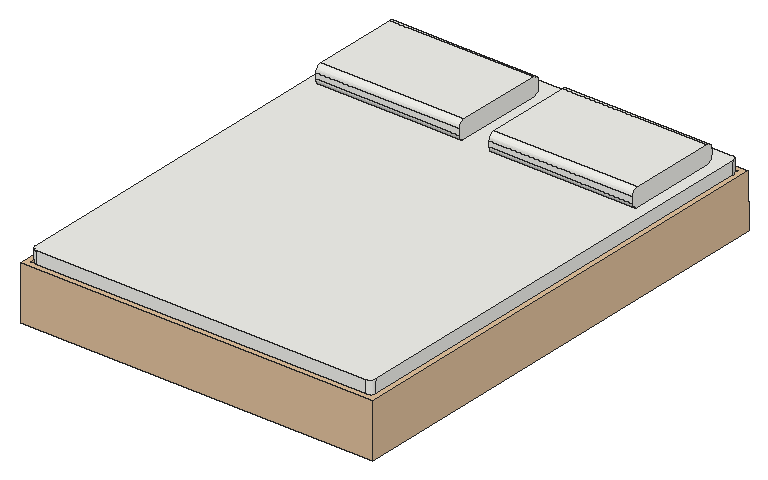
Revit family "RYN_FUR_Bed-Double", category Furniture, Revit 2025
Family settings
  Work Plane-Based = No
  Enable Cutting in Views = No
  Always vertical = Yes
  Cut with Voids When Loaded = No
  Render Appearance Source = Family Geometry
  Shared = No
  Room Calculation Point = No
Parameters (values of type "W1500 X L2000")
  Frame Material = Wood - Birch
  Length = 2000.00 mm
  Mattress Material = Textile - White
  Width = 1500.00 mm
  Default Elevation = 0.00 mm
Reference planes
  plane 1 "Center (Front/Back)": y = -234.43
  plane 2: z = 0
  plane 3 "Center (Left/Right)": x = 339.152
  plane 4: y = 765.57
  plane 5: y = -1234.43
  plane 6: x = -410.848
  plane 7: x = 1089.152
  plane 8: z = 177.8
  plane 9: y = 663.97
  plane 10: y = 244.87
Forms (mm)
  Sweep 1, solid, material "Wood - Birch" <- "Frame Material"
    path origin (0, -1234.43, 0) x (1, 0, 0) y (0, 0, 1)
      loop
        line (-385.448, 177.8) -> (-334.648, 177.8) -> (-258.577, 14.665)
        arc (-258.577, 14.665) -> (-249.204, 3.978) -> (-235.556, 0) r 25.4
        line (-235.556, 0) -> (-156.944, 0)
        arc (-156.944, 0) -> (-150.37, 0.865) -> (-144.244, 3.403) r 25.4
        line (-144.244, 3.403) -> (-84.147, 38.1) -> (762.452, 38.1) -> (822.549, 3.403)
        arc (822.549, 3.403) -> (828.675, 0.865) -> (835.249, 0) r 25.4
        line (835.249, 0) -> (913.861, 0)
        arc (913.861, 0) -> (927.509, 3.978) -> (936.882, 14.665) r 25.4
        line (936.882, 14.665) -> (1012.952, 177.8) -> (1063.752, 177.8)
    profile origin (-360.048, -1237.93, 0) x (0, 0, 1) y (0, -1, 0)
      loop
        line (196.85, -232.1) -> (177.8, -232.1) -> (177.8, -308.3) -> (196.85, -308.3) -> (196.85, -232.1)
  Extrusion 2, solid, material "Textile - White" <- "Mattress Material"
    sketch origin (0, 0, 406.4) x (1, 0, 0) y (0, 1, 0)
      loop
        line (1038.352, 740.17) -> (-360.048, 740.17)
        arc (-360.048, 740.17) -> (-378.008, 732.731) -> (-385.448, 714.77) r 25.4
        line (-385.448, 714.77) -> (-385.448, -1183.63)
        arc (-385.448, -1183.63) -> (-378.008, -1201.59) -> (-360.048, -1209.03) r 25.4
        line (-360.048, -1209.03) -> (1038.352, -1209.03)
        arc (1038.352, -1209.03) -> (1056.313, -1201.59) -> (1063.752, -1183.63) r 25.4
        line (1063.752, -1183.63) -> (1063.752, 714.77)
        arc (1063.752, 714.77) -> (1056.313, 732.731) -> (1038.352, 740.17) r 25.4
    from 0 to -203.2
  Sweep 3, solid, material "Wood - Birch" <- "Frame Material"
    path origin (0, 765.57, 0) x (1, 0, 0) y (0, 0, 1)
      loop
        line (-385.123, 177.8) -> (-334.323, 177.8) -> (-258.252, 14.665)
        arc (-258.252, 14.665) -> (-248.88, 3.978) -> (-235.232, 0) r 25.4
        line (-235.232, 0) -> (-156.62, 0)
        arc (-156.62, 0) -> (-150.046, 0.865) -> (-143.92, 3.403) r 25.4
        line (-143.92, 3.403) -> (-83.823, 38.1) -> (762.452, 38.1) -> (822.549, 3.403)
        arc (822.549, 3.403) -> (828.675, 0.865) -> (835.249, 0) r 25.4
        line (835.249, 0) -> (913.861, 0)
        arc (913.861, 0) -> (927.509, 3.978) -> (936.882, 14.665) r 25.4
        line (936.882, 14.665) -> (1012.952, 177.8) -> (1063.752, 177.8)
    profile origin (-359.723, 769.07, 0) x (0, 0, 1) y (0, -1, 0)
      loop
        line (177.8, 333.7) -> (177.8, 257.5) -> (196.85, 257.5) -> (196.85, 333.7) -> (177.8, 333.7)
  Extrusion 4, solid, material "Wood - Birch" <- "Frame Material"
    sketch origin (0, 0, 0) x (1, 0, 0) y (0, 1, 0)
      loop
        line (-410.848, 765.57) -> (-410.848, -1234.43) -> (1089.152, -1234.43) -> (1089.152, 765.57) -> (-410.848, 765.57)
      loop
        line (-385.448, 740.17) -> (-385.448, -1209.03) -> (1063.752, -1209.03) -> (1063.752, 740.17) -> (-385.448, 740.17)
    from 127 to 355.6
  Sweep 5, solid, material "Textile - White" <- "Mattress Material"
    path origin (0, 0, 0) x (1, 0, 0) y (0, 1, 0)
      loop
        line (-334.648, 663.97) -> (275.652, 663.97)
    profile origin (-29.498, 0, 0) x (0, 1, 0) y (0, 0, 1)
      loop
        line (270.27, 406.4) -> (638.57, 406.4)
        arc (638.57, 406.4) -> (656.531, 413.839) -> (663.97, 431.8) r 25.4
        line (663.97, 431.8) -> (663.97, 457.2)
        arc (663.97, 457.2) -> (656.531, 475.161) -> (638.57, 482.6) r 25.4
        line (638.57, 482.6) -> (270.27, 482.6)
        arc (270.27, 482.6) -> (252.31, 475.161) -> (244.87, 457.2) r 25.4
        line (244.87, 457.2) -> (244.87, 431.8)
        arc (244.87, 431.8) -> (252.31, 413.839) -> (270.27, 406.4) r 25.4
  Sweep 6, solid, material "Textile - White" <- "Mattress Material"
    path origin (749.3, 0, 0) x (1, 0, 0) y (0, 1, 0)
      loop
        line (-346.648, 663.97) -> (263.652, 663.97)
    profile origin (707.802, 0, 0) x (0, 1, 0) y (0, 0, 1)
      loop
        line (270.27, 406.4) -> (638.57, 406.4)
        arc (638.57, 406.4) -> (656.531, 413.839) -> (663.97, 431.8) r 25.4
        line (663.97, 431.8) -> (663.97, 457.2)
        arc (663.97, 457.2) -> (656.531, 475.161) -> (638.57, 482.6) r 25.4
        line (638.57, 482.6) -> (270.27, 482.6)
        arc (270.27, 482.6) -> (252.31, 475.161) -> (244.87, 457.2) r 25.4
        line (244.87, 457.2) -> (244.87, 431.8)
        arc (244.87, 431.8) -> (252.31, 413.839) -> (270.27, 406.4) r 25.4
Lines and regions (mm)
  Masking region 1
    outline origin (0, 0, 0) x (1, 0, 0) y (0, 1, 0)
      loop
        line (-410.848, 765.57) -> (-410.848, -1234.43) -> (1089.152, -1234.43) -> (1089.152, 765.57) -> (-410.848, 765.57)
  symbolic lines
    curve 1: line (-410.848, 765.57, 0) -> (1089.152, 765.57, 0)
    curve 2: line (-410.848, 765.57, 0) -> (-410.848, -1234.43, 0)
    curve 3: line (-410.848, -1234.43, 0) -> (1089.152, -1234.43, 0)
    curve 4: line (1089.152, 765.57, 0) -> (1089.152, -1234.43, 0)
    curve 5: line (-385.448, 740.17, 0) -> (1063.752, 740.17, 0)
    curve 6: line (-385.448, 740.17, 0) -> (-385.448, -1209.03, 0)
    curve 7: line (-385.448, -1209.03, 0) -> (1063.752, -1209.03, 0)
    curve 8: line (1063.752, 740.17, 0) -> (1063.752, -1209.03, 0)
    curve 9: line (-334.648, 663.97, 0) -> (275.652, 663.97, 0)
    curve 10: line (-334.648, 663.97, 0) -> (-334.648, 248.17, 0)
    curve 11: line (-334.648, 248.17, 0) -> (275.652, 248.17, 0)
    curve 12: line (275.652, 663.97, 0) -> (275.652, 248.17, 0)
    curve 13: line (402.652, 663.97, 0) -> (1012.952, 663.97, 0)
    curve 14: line (402.652, 663.97, 0) -> (402.652, 248.17, 0)
    curve 15: line (402.652, 248.17, 0) -> (1012.952, 248.17, 0)
    curve 16: line (1012.952, 663.97, 0) -> (1012.952, 248.17, 0)
    curve 17: line (1063.752, 248.17, 0) -> (-385.448, 19.757, 0)
Dimensions and locks
  equal spacing: plane 6, plane 3 "Center (Left/Right)", plane 7
  equal spacing: plane 5, plane 1 "Center (Front/Back)", plane 4
  "Length": plane 5 to plane 4
  "Width": plane 6 to plane 7
  locked: plane 6 to Sweep 1 sketch curve at 76.2
  locked: Sweep 1 sketch curve to Sweep 1 sketch curve at 78.613  (x2)
  locked: Sweep 1 sketch curve to plane 7 at 76.2
  plane 10 to plane 9 to plane 4 = 419.10 mm, 101.60 mm locked
  aligned and locked: Extrusion 2 sketch curve to Extrusion 4  (x4)
  aligned and locked: curve 14 to Sweep 6 sketch curve
  aligned and locked: curve 16 to Sweep 6 sketch curve
  aligned and locked: curve 9 to Sweep 6 sketch curve
  aligned and locked: plane 7 to Masking region 1 sketch curve
  aligned and locked: plane 4 to Masking region 1 sketch curve
  aligned and locked: Masking region 1 sketch curve to plane 6
  aligned and locked: Masking region 1 sketch curve to plane 5
Automatic sketch dimensions
  Sweep 1 sketch curve to profile plane = 0.00 mm
  Sweep 1 sketch curve to profile plane = 19.05 mm
  Sweep 1 sketch curve to plane 5 = 304.80 mm
  Sweep 1 sketch curve to Sweep 1 sketch curve = 76.20 mm
  Sweep 3 sketch curve to profile plane = 0.00 mm
  Sweep 3 sketch curve to profile plane = 19.05 mm
  plane 4 to Sweep 3 sketch curve = 254.00 mm
  Sweep 3 sketch curve to Sweep 3 sketch curve = 76.20 mm
  Extrusion 4 sketch curve to plane 4 = 0.00 mm
  Extrusion 4 sketch curve to plane 6 = 0.00 mm
  Extrusion 4 sketch curve to plane 5 = 0.00 mm
  Extrusion 4 sketch curve to plane 7 = 0.00 mm
  Extrusion 4 sketch curve to plane 6 = 25.40 mm
  plane 7 to Extrusion 4 sketch curve = 25.40 mm
  Extrusion 4 sketch curve to plane 5 = 25.40 mm
  plane 4 to Extrusion 4 sketch curve = 25.40 mm
  Extrusion 2 sketch curve to Extrusion 2 sketch curve = 25.40 mm  (x3)
  plane 4 to Extrusion 2 sketch curve = 50.80 mm
  Sweep 1 sketch curve to level = 0.00 mm  (x2)
  Sweep 1 sketch curve to plane 6 = 25.40 mm
  level to Sweep 1 sketch curve = 14.665 mm  (x2)
  Sweep 1 sketch curve to Sweep 1 sketch curve = 76.071 mm
  Sweep 1 sketch curve to Sweep 1 sketch curve = 23.02 mm  (x2)
  level to Sweep 1 sketch curve = 3.403 mm  (x2)
  Sweep 1 sketch curve to Sweep 1 sketch curve = 12.70 mm  (x2)
  level to Sweep 1 sketch curve = 38.10 mm
  Sweep 1 sketch curve to Sweep 1 sketch curve = 60.097 mm  (x2)
  Sweep 1 sketch curve to Sweep 1 sketch curve = 250.501 mm
  plane 7 to Sweep 1 sketch curve = 25.40 mm
  level to Sweep 1 sketch curve = 177.80 mm  (x2)
  Sweep 3 sketch curve to level = 0.00 mm  (x2)
  Sweep 3 sketch curve to plane 6 = 25.724 mm
  Sweep 3 sketch curve to Sweep 3 sketch curve = 50.80 mm
  level to Sweep 3 sketch curve = 14.665 mm  (x2)
  Sweep 3 sketch curve to plane 6 = 152.595 mm
  level to Sweep 3 sketch curve = 25.40 mm  (x2)
  Sweep 3 sketch curve to Sweep 3 sketch curve = 78.613 mm  (x2)
  level to Sweep 3 sketch curve = 3.403 mm  (x2)
  Sweep 3 sketch curve to Sweep 3 sketch curve = 12.70 mm  (x2)
  level to Sweep 3 sketch curve = 38.10 mm  (x2)
  Sweep 3 sketch curve to Sweep 3 sketch curve = 60.097 mm  (x2)
  plane 7 to Sweep 3 sketch curve = 326.701 mm
  Sweep 3 sketch curve to Sweep 3 sketch curve = 0.00 mm
  plane 7 to Sweep 3 sketch curve = 76.20 mm
  plane 7 to Sweep 3 sketch curve = 25.40 mm
  level to Sweep 3 sketch curve = 177.80 mm  (x2)
  curve 3 to plane 5 = 0.00 mm
  curve 3 to plane 6 = 0.00 mm
  curve 4 to plane 4 = 0.00 mm
  curve 4 to plane 7 = 0.00 mm
  curve 1 to curve 6 = 25.40 mm
  curve 10 to plane 6 = 76.20 mm
  curve 9 to plane 3 "Center (Left/Right)" = 63.50 mm
  plane 3 "Center (Left/Right)" to curve 13 = 63.50 mm
  plane 7 to curve 13 = 76.20 mm
  plane 7 to curve 17 = 25.40 mm
  curve 8 to plane 5 = 25.40 mm
  curve 17 to plane 1 "Center (Front/Back)" = 254.186 mm
  curve 17 to curve 11 = 228.414 mm
  curve 15 to curve 11 = 0.00 mm
  curve 17 to curve 15 = 0.00 mm
  plane 4 to curve 10 = 101.60 mm
  plane 4 to curve 14 = 101.60 mm
  plane 4 to curve 8 = 25.40 mm
  Sweep 5 sketch curve to plane 9 = 0.00 mm
  Sweep 5 sketch curve to plane 6 = 76.20 mm
  Sweep 5 sketch curve to plane 3 "Center (Left/Right)" = 63.50 mm
  Sweep 5 sketch curve to profile plane = 0.00 mm
  profile plane to Sweep 5 sketch curve = 25.40 mm  (x2)
  Sweep 5 sketch curve to Sweep 5 sketch curve = 368.30 mm
  Sweep 5 sketch curve to Sweep 5 sketch curve = 0.00 mm
  Sweep 5 sketch curve to Sweep 5 sketch curve = 25.40 mm  (x2)
  level to Sweep 5 sketch curve = 406.40 mm
  Sweep 6 sketch curve to profile plane = 0.00 mm
  profile plane to Sweep 6 sketch curve = 25.40 mm  (x2)
  Sweep 6 sketch curve to Sweep 6 sketch curve = 368.30 mm
  Sweep 6 sketch curve to Sweep 6 sketch curve = 0.00 mm
  Sweep 6 sketch curve to Sweep 6 sketch curve = 25.40 mm  (x2)
